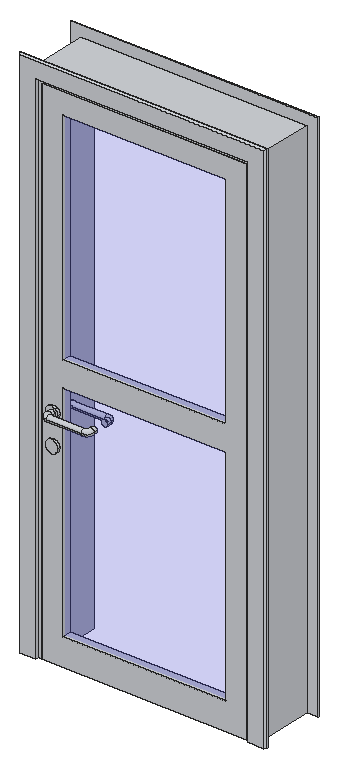
Revit family "Porta de entrada única com revestimento", category Portas, Revit 2019
Family settings
  Hospedeiro = Parede
  Número OmniClass = 23.30.10.00
  Título OmniClass = Doors
  Sempre na vertical = Sim
  Corte com vazios quando carregada = Não
  Compartilhado = Não
  Ponto de cálculo do ambiente = Não
Parameters (values of type "900 x 2100mm")
  W1 = Width - 2 * Largura da estrutura + 20 mm  # 820 mm
  Visual Light Transmittance = 0
  Largura da apara = 70 mm
  Espessura da apara = 10 mm
  Material da apara = none
  Espessura = 35 mm
  Solar Heat Gain Coefficient = 0
  Rough Width = Width  # 900 mm
  Rough Height = Height  # 2100 mm
  Material do painel = none
  Largura da moldura do painel = 75 mm
  ID do tipo de construção = ""
  Coeficiente de transferência de calor (U) = 3.7021 W/(m²·K)
  Material do puxador = none
  Vidro = none
  Função = Exterior
  Largura da estrutura = 50 mm
  Height = 2100 mm
  Fechamento da parede = Por hospedeiro
  Width = 900 mm
  Material da moldura = none
  Construção analítica = Metal
Types (5, lengths in mm): name | W1 | Rough Width | Width
  (no name) | 820 | 900 | 900
  900 x 2100mm | 820 | 900 | 900
  800 x 2100mm | 720 | 800 | 800
  700 x 2100mm | 620 | 700 | 700
  600 x 2100mm | 520 | 600 | 600
Reference planes
  plane 1 "Centro (Frente/Trás)": y = 0
  plane 2 "Centro (Esquerda/Direita)": x = 0
  plane 3 "Esquerda": x = -450
  plane 4 "Direita": x = 450
  plane 5: z = 2100
  plane 6 "Exterior": y = 125
  plane 7 "Interior": y = -125
  plane 8: z = 1050
  plane 9: z = 0
  plane 10: z = 1100
  plane 11: z = 1000
  plane 12: y = -90
  plane 13: z = 110
  plane 14: x = 325
  plane 15: x = -325
  plane 16: x = 400
  plane 17: x = -400
  plane 18: z = 1975
  plane 19: x = 365
  plane 20: x = -365
  plane 21 "Vidro": y = -107.5
  plane 22: z = 2015
  plane 23: x = -365
  plane 24: z = 1060
  plane 25: z = 1040
  plane 26: z = 70
  plane 27: z = 2050
  plane 28: x = -375
  plane 29: x = 375
  plane 30: x = -375
  plane 31: z = 2025
  plane 32: z = 1025
  plane 33: x = -362.5
  plane 34: z = 900
Forms (mm)
  Extrusion 1, solid, material <- "Material do painel", detail levels medium
    sketch origin (0, -125, 0) x (1, 0, 0) y (0, 0, 1)
      loop
        line (400, 2050) -> (-400, 2050) -> (-400, 0) -> (400, 0) -> (400, 2050)
      loop
        line (325, 1975) -> (-325, 1975) -> (-325, 1100) -> (325, 1100) -> (325, 1975)
      loop
        line (325, 110) -> (325, 1000) -> (-325, 1000) -> (-325, 110) -> (325, 110)
    from -35 to 0
  Extrusion 2, solid, material <- "Vidro", detail levels medium+fine
    sketch origin (0, -107.5, 0) x (-1, 0, 0) y (0, 0, 1)
      loop
        line (365, 70) -> (365, 1040) -> (-365, 1040) -> (-365, 70) -> (365, 70)
      loop
        line (365, 1060) -> (365, 2015) -> (-365, 2015) -> (-365, 1060) -> (365, 1060)
    from -7 to 7
  Extrusion 3, solid, material <- "Vidro", detail levels fine
    sketch origin (0, -107.5, 0) x (-1, 0, 0) y (0, 0, 1)
      loop
        line (365, 70) -> (365, 1040) -> (-365, 1040) -> (-365, 70) -> (365, 70)
      loop
        line (365, 1060) -> (365, 2015) -> (-365, 2015) -> (-365, 1060) -> (365, 1060)
    from -7 to 7
  Extrusion 4, solid, material <- "Material do painel", detail levels coarse
    sketch origin (0, -125, 0) x (1, 0, 0) y (0, 0, 1)
      loop
        line (450, 2100) -> (-450, 2100) -> (-450, 0) -> (450, 0) -> (450, 2100)
      loop
        line (375, 2025) -> (-375, 2025) -> (-375, 1100) -> (375, 1100) -> (375, 2025)
      loop
        line (375, 110) -> (375, 1000) -> (-375, 1000) -> (-375, 110) -> (375, 110)
    from -35 to 0
  Extrusion 5, solid, material <- "Vidro", detail levels coarse
    sketch origin (0, -107.5, 0) x (-1, 0, 0) y (0, 0, 1)
      loop
        line (375, 70) -> (375, 1040) -> (-375, 1040) -> (-375, 70) -> (375, 70)
      loop
        line (375, 1060) -> (375, 2025) -> (-375, 2025) -> (-375, 1060) -> (375, 1060)
    from -7 to 7
  Sweep 6, solid, material <- "Material da moldura", detail levels medium
    path origin (0, -125, 0) x (1, 0, 0) y (0, 0, 1)
      loop
        line (-450, 0) -> (-450, 2100) -> (450, 2100) -> (450, 0)
    profile origin (450, -125, 1050) x (0, -1, 0) y (1, 0, 0)
      loop
        line (-250, -50) -> (0, -50) -> (0, 0) -> (-250, 0) -> (-250, -50)
  Sweep 7, solid, material <- "Material da moldura", detail levels fine
    path origin (0, -125, 0) x (1, 0, 0) y (0, 0, 1)
      loop
        line (-450, 0) -> (-450, 2100) -> (450, 2100) -> (450, 0)
    profile origin (450, -125, 1050) x (0, -1, 0) y (1, 0, 0)
      loop
        line (-250, -50) -> (-38, -50) -> (-38, -40) -> (0, -40) -> (0, 0) -> (-250, 0) -> (-250, -50)
  Extrusion 8, solid, material <- "Material do painel", detail levels fine
    sketch origin (0, -125, 0) x (1, 0, 0) y (0, 0, 1)
      loop
        line (410, 2060) -> (-410, 2060) -> (-410, 0) -> (410, 0) -> (410, 2060)
      loop
        line (325, 1975) -> (-325, 1975) -> (-325, 1100) -> (325, 1100) -> (325, 1975)
      loop
        line (325, 110) -> (325, 1000) -> (-325, 1000) -> (-325, 110) -> (325, 110)
    from -35 to 0
  Sweep 9, solid, material <- "Material da apara", detail levels fine
    path origin (0, -125, 0) x (1, 0, 0) y (0, 0, 1)
      loop
        line (450, 0) -> (450, 2100) -> (-450, 2100) -> (-450, 0)
    profile "Perfil da apara : Perfil da apara" origin (0, -125, 2100) x (0, 0, -1) y (0, -1, 0)
      loop
        line (-43, 0) -> (27, 0) -> (27, 10) -> (-37, 10) -> (-43, 4) -> (-43, 0)
  Sweep 10, solid, material <- "Material da apara", detail levels fine
    path origin (0, 125, 0) x (1, 0, 0) y (0, 0, 1)
      loop
        line (-450, 0) -> (-450, 2100) -> (450, 2100) -> (450, 0)
    profile "Perfil da apara : Perfil da apara" origin (0, 125, 2100) x (0, 0, 1) y (0, -1, 0)
      loop
        line (43, 0) -> (-27, 0) -> (-27, -10) -> (37, -10) -> (43, -4) -> (43, 0)
Lines and regions (mm)
  Opening 1
    outline origin (-3050, -125, 0) x (1, 0, 0) y (0, 0, 1)
      loop
        line (2600, 0) -> (3500, 0) -> (3500, 2100) -> (2600, 2100) -> (2600, 0)
  symbolic lines, style "DoorsGlassProjection", detail levels medium
    curve 1: line (0, -107.5, 1975) -> (0, -107.5, 1100)
    curve 6: line (0, -107.5, 1000) -> (0, -107.5, 110)
  symbolic lines, style "DoorsGlassProjection", detail levels fine
    curve 2: line (0, -114.5, 1975) -> (0, -114.5, 1100)
    curve 3: line (0, -100.5, 1975) -> (0, -100.5, 1100)
    curve 4: line (0, -114.5, 1000) -> (0, -114.5, 110)
    curve 5: line (0, -100.5, 1000) -> (0, -100.5, 110)
  symbolic lines, style "Giro da elevação", detail levels coarse
    curve 7: line (-450, -125, 1050) -> (450, -125, 2100)
    curve 8: line (-450, -125, 1050) -> (450, -125, 0)
  symbolic lines, style "Giro da elevação", detail levels medium+fine
    curve 9: line (400, -125, 2050) -> (-400, -125, 1025)
    curve 10: line (400, -125, 0) -> (-400, -125, 1025)
Text (mm)
  text "Externo" at (-2295.016, 1099.543, 0), in view "Nível de referência"
  text "Externo" at (0, 1615.38, 3698.081), in view "Esquerda"
  text "Externo" at (0, 1036.032, 3874.932), in view "Direita"
Dimensions and locks
  equal spacing: plane 3 "Esquerda", plane 2 "Centro (Esquerda/Direita)", plane 4 "Direita"
  "Width": plane 3 "Esquerda" to plane 4 "Direita"
  "Height": host wall to plane 5
  host wall to plane 5 = 2100 mm
  locked: plane 6 "Exterior" to host wall at 0
  locked: plane 7 "Interior" to host wall
  equal spacing: plane 9, plane 8, plane 5
  equal spacing: plane 11, plane 8, plane 10
  locked: plane 11 to plane 10 at 100
  "Espessura": plane 12 to plane 7 "Interior"
  locked: plane 9 to plane 13 at 110
  "Largura da estrutura": plane 16 to plane 4 "Direita"
  "Largura da estrutura": plane 3 "Esquerda" to plane 17
  locked: plane 14 to plane 19 at 40
  equal spacing: plane 12, plane 21 "Vidro", plane 7 "Interior"
  locked: plane 23 to plane 15 at 40
  plane 7 "Interior" to plane 6 "Exterior" = 250 mm
  "Largura da estrutura": plane 5 to plane 27
  locked: plane 18 to plane 22 at 40
  locked: plane 24 to plane 10 at 40
  locked: plane 11 to plane 25 at 40
  equal spacing: curve 3, plane 21 "Vidro", curve 2
  locked: curve 3 to curve 2 at 14
  "Largura da moldura do painel": plane 17 to plane 15
  "Largura da moldura do painel": plane 14 to plane 16
  "Largura da moldura do painel": plane 18 to plane 27
  locked: plane 26 to plane 13 at 40
  "Largura da moldura do painel": plane 29 to plane 4 "Direita"
  "Largura da moldura do painel": plane 3 "Esquerda" to plane 30
  "Largura da moldura do painel": plane 31 to plane 5
  equal spacing: plane 9, plane 32, plane 27
  equal spacing: plane 17, plane 33, plane 15
  locked: plane 16 to Sweep 7 sketch curve at 10
  locked: Sweep 7 sketch curve to plane 12 at 3
  locked: plane 9 to plane 34 at 900
  aligned and locked: plane 3 "Esquerda" to Opening 1 sketch curve
  aligned and locked: plane 5 to Opening 1 sketch curve  (x2)
  aligned and locked: Opening 1 sketch curve to plane 4 "Direita"
  aligned and locked: Opening 1 sketch curve to level
  aligned and locked: plane 1 "Centro (Frente/Trás)" to host wall
  aligned and locked: level to plane 9
  aligned and locked: plane 7 "Interior" to Extrusion 1
  aligned and locked: plane 12 to Extrusion 1
  aligned and locked: Extrusion 1 sketch curve to plane 18
  aligned and locked: Extrusion 1 sketch curve to plane 14  (x2)
  aligned and locked: Extrusion 1 sketch curve to plane 15  (x2)
  aligned and locked: Extrusion 1 sketch curve to plane 10
  aligned and locked: Extrusion 1 sketch curve to plane 11
  aligned and locked: plane 13 to Extrusion 1 sketch curve
  aligned and locked: plane 26 to Extrusion 2 sketch curve
  aligned and locked: plane 23 to Extrusion 2 sketch curve  (x2)
  aligned and locked: plane 25 to Extrusion 2 sketch curve
  aligned and locked: plane 19 to Extrusion 2 sketch curve  (x2)
  aligned and locked: plane 24 to Extrusion 2 sketch curve
  aligned and locked: Extrusion 2 sketch curve to plane 22
  aligned and locked: plane 9 to Extrusion 1 sketch curve
  aligned and locked: nested 1 to plane 21 "Vidro"
  aligned: plane 8 to nested 1
  aligned: nested 1 to plane 19
  aligned and locked: plane 21 "Vidro" to curve 1
  aligned and locked: Extrusion 3 sketch curve to plane 23  (x2)
  aligned and locked: Extrusion 1 sketch curve to plane 16
  aligned and locked: Extrusion 1 sketch curve to plane 17
  aligned and locked: Extrusion 1 sketch curve to plane 27
  aligned and locked: plane 4 "Direita" to Extrusion 4 sketch curve
  aligned and locked: plane 29 to Extrusion 4 sketch curve  (x2)
  aligned and locked: plane 5 to Extrusion 4 sketch curve
  aligned and locked: plane 31 to Extrusion 4 sketch curve
  aligned and locked: Extrusion 4 sketch curve to plane 3 "Esquerda"
  aligned and locked: plane 30 to Extrusion 4 sketch curve  (x2)
  aligned and locked: plane 29 to Extrusion 5 sketch curve  (x2)
  aligned and locked: plane 31 to Extrusion 5 sketch curve
  aligned and locked: plane 30 to Extrusion 5 sketch curve  (x2)
  aligned and locked: nested 2 to plane 7 "Interior"
  aligned and locked: nested 2 to plane 4 "Direita"
  aligned and locked: plane 33 to nested 1
  aligned and locked: plane 4 "Direita" to Sweep 6 sketch curve  (x2)
  aligned and locked: plane 5 to Sweep 6 sketch curve
  aligned and locked: plane 3 "Esquerda" to Sweep 6 sketch curve
  aligned and locked: plane 6 "Exterior" to Sweep 6 sketch curve
  aligned and locked: Sweep 6 sketch curve to plane 7 "Interior"
  aligned and locked: plane 16 to Sweep 6 sketch curve
  aligned and locked: plane 4 "Direita" to Sweep 7 sketch curve  (x2)
  aligned and locked: plane 5 to Sweep 7 sketch curve
  aligned and locked: plane 3 "Esquerda" to Sweep 7 sketch curve
  aligned and locked: plane 6 "Exterior" to Sweep 7 sketch curve
  aligned and locked: plane 16 to Sweep 7 sketch curve
  aligned and locked: Sweep 7 sketch curve to plane 7 "Interior"
  aligned and locked: Extrusion 8 sketch curve to Sweep 7  (x3)
  aligned and locked: Sweep 9 sketch curve to host wall  (x3)
  aligned and locked: Sweep 10 sketch curve to host wall  (x3)
  aligned and locked: plane 12 to Extrusion 8
  aligned and locked: plane 12 to Extrusion 4
  aligned and locked: plane 18 to curve 1
  aligned and locked: plane 34 to nested 1
Automatic sketch dimensions
  plane 3 "Esquerda" to curve 8 = 0 mm
  plane 17 to curve 9 = 0 mm
  curve 9 to plane 16 = 0 mm
  curve 10 to level = 0 mm
  curve 10 to plane 16 = 0 mm
  curve 8 to level = 0 mm
  plane 4 "Direita" to curve 8 = 0 mm
  plane 4 "Direita" to curve 7 = 0 mm
  curve 10 to plane 32 = 0 mm
  curve 8 to plane 8 = 0 mm
  curve 9 to plane 27 = 0 mm
  curve 7 to plane 5 = 0 mm
  plane 19 to Extrusion 3 sketch curve = 0 mm  (x2)
  Extrusion 3 sketch curve to plane 26 = 0 mm
  Extrusion 3 sketch curve to plane 25 = 0 mm
  Extrusion 3 sketch curve to plane 24 = 0 mm
  Extrusion 3 sketch curve to plane 22 = 0 mm
  Extrusion 4 sketch curve to level = 0 mm
  Extrusion 4 sketch curve to plane 13 = 0 mm
  Extrusion 4 sketch curve to plane 11 = 0 mm
  Extrusion 4 sketch curve to plane 10 = 0 mm
  Extrusion 5 sketch curve to plane 26 = 0 mm
  Extrusion 5 sketch curve to plane 25 = 0 mm
  Extrusion 5 sketch curve to plane 24 = 0 mm
  Sweep 6 sketch curve to level = 0 mm  (x2)
  Sweep 7 sketch curve to level = 0 mm  (x2)
  Extrusion 8 sketch curve to plane 10 = 0 mm
  plane 15 to Extrusion 8 sketch curve = 0 mm  (x2)
  Extrusion 8 sketch curve to plane 11 = 0 mm
  Extrusion 8 sketch curve to plane 14 = 0 mm  (x2)
  Extrusion 8 sketch curve to level = 0 mm
  Extrusion 8 sketch curve to plane 13 = 0 mm
  Extrusion 8 sketch curve to plane 18 = 0 mm
  Sweep 9 sketch curve to level = 0 mm  (x2)
  Sweep 10 sketch curve to level = 0 mm  (x2)
  curve 4 to plane 13 = 0 mm
  curve 4 to plane 11 = 0 mm
  curve 6 to plane 11 = 0 mm
  curve 6 to plane 21 "Vidro" = 0 mm
  curve 5 to plane 13 = 0 mm
  curve 5 to plane 11 = 0 mm
  curve 6 to plane 13 = 0 mm
  curve 1 to plane 10 = 0 mm
  curve 2 to plane 10 = 0 mm
  curve 3 to plane 10 = 0 mm
  curve 2 to plane 18 = 0 mm
  curve 3 to plane 18 = 0 mm
  curve 4 to curve 6 = 7 mm
  plane 21 "Vidro" to curve 5 = 7 mm
Nested families
  nested 1: "Maçaneta da porta 1" at (-362.5, -113.114, 730), type "Puxador horizontal", detail levels fine
  nested 2: "Porta única_Giro da planta 2" at (-450, -125, 0) x (-1, 0, 0) z (0, 0, 1), type "Porta única_Giro da planta 2"
Definition of nested family "Maçaneta da porta 1"
  Parameters
    Espessura do painel = 35 mm
    Distância do furo da trava = 120 mm
    Com furo para trava = yes
    Material do puxador = none
    Function = (empty or 0)
  Reference planes
    plane 1 "Centro (Frente/Trás)": y = 5.614
    plane 2: z = 0
    plane 3 "Centro (Esquerda/Direita)": x = 0
    plane 4 "Topo do puxador": z = 170
    plane 5: z = 50
    plane 6: y = -11.886
    plane 7: y = 23.114
  Forms (mm)
    Extrusion 1, solid, material <- "Material do puxador"
      sketch origin (0, 5.614, 0) x (1, 0, 0) y (0, 0, 1)
        loop
          circle (0, 170) r 25
      from 17.5 to 25.5
    Extrusion 2, solid, material <- "Material do puxador", visible <- "Com furo para trava"
      sketch origin (0, 0, -120) x (1, 0, 0) y (0, 0, 1)
        loop
          circle (0, 170) r 25
      from 11.886 to 19.886
    Sweep 3, solid, material <- "Material do puxador"
      path origin (0, 0, 1000) x (0, -1, 0) y (1, 0, 0)
        loop
          line (19.886, 0) -> (36.886, 0)
          arc (36.886, 0) -> (47.493, 4.393) -> (51.886, 15) r 15
          line (51.886, 15) -> (51.886, 155)
          arc (51.886, 155) -> (47.493, 165.607) -> (36.886, 170) r 15
          line (36.886, 170) -> (21.886, 170)
      profile origin (0, -28.386, 0) x (1, 0, 0) y (0, 0, 1)
        loop
          circle (0, 170) r 12
    Extrusion 4, solid, material <- "Material do puxador"
      sketch origin (0, 5.614, 0) x (1, 0, 0) y (0, 0, -1)
        loop
          circle (0, -170) r 25
      from 17.5 to 25.5
    Extrusion 5, solid, material <- "Material do puxador", visible <- "Com furo para trava"
      sketch origin (0, 11.228, -120) x (1, 0, 0) y (0, 0, -1)
        loop
          circle (0, -170) r 25
      from 11.886 to 19.886
    Sweep 6, solid, material <- "Material do puxador"
      path origin (0, 11.228, 1000) x (0, -1, 0) y (1, 0, 0)
        loop
          line (-19.886, 0) -> (-36.886, 0)
          arc (-36.886, 0) -> (-47.493, 4.393) -> (-51.886, 15) r 15
          line (-51.886, 15) -> (-51.886, 155)
          arc (-51.886, 155) -> (-47.493, 165.607) -> (-36.886, 170) r 15
          line (-36.886, 170) -> (-21.886, 170)
      profile origin (0, 39.614, 0) x (-1, 0, 0) y (0, 0, 1)
        loop
          circle (0, 170) r 12
  Dimensions and locks
    "Distância do furo da trava": plane 4 "Topo do puxador" to plane 5
    locked: Sweep 3 sketch curve to Sweep 3 sketch curve at 170
    locked: plane 4 "Topo do puxador" to plane 2 at 170
    equal spacing: plane 7, plane 1 "Centro (Frente/Trás)", plane 6
    "Espessura do painel": plane 7 to plane 6
    locked: Extrusion 2 to Extrusion 2 at 8
    locked: Extrusion 1 to Extrusion 1 at 8
    locked: plane 6 to Sweep 3 sketch curve at 25
    locked: plane 6 to Sweep 3 sketch curve at 40
    locked: Sweep 6 sketch curve to Sweep 6 sketch curve at 170
    locked: Extrusion 5 to Extrusion 5 at 8
    locked: Extrusion 4 to Extrusion 4 at 8
    locked: plane 7 to Sweep 6 sketch curve at 40
    locked: Sweep 6 sketch curve to plane 7 at 25
    locked: Sweep 6 sketch curve to Sweep 6 sketch curve at 15
    locked: Sweep 6 sketch curve to plane 7 at 10
    plane 6 to Sweep 3 sketch curve to Sweep 3 sketch curve = 10 mm locked, 15 mm locked
    radius of Sweep 3 sketch curve = 15 mm  (x2)
    radius of Extrusion 2 sketch curve = 25 mm
    radius of Sweep 3 sketch curve = 12 mm
    radius of Sweep 6 sketch curve = 15 mm  (x2)
    radius of Extrusion 5 sketch curve = 25 mm
    radius of Sweep 6 sketch curve = 12 mm
    radius of Extrusion 4 sketch curve = 25 mm
    aligned and locked: plane 4 "Topo do puxador" to Sweep 3 sketch curve
    aligned and locked: plane 3 "Centro (Esquerda/Direita)" to Sweep 3 sketch curve
    aligned and locked: plane 3 "Centro (Esquerda/Direita)" to Extrusion 2 sketch curve
    aligned and locked: plane 6 to Extrusion 2
    aligned and locked: plane 3 "Centro (Esquerda/Direita)" to Extrusion 1 sketch curve
    aligned and locked: plane 4 "Topo do puxador" to Extrusion 1 sketch curve
    aligned and locked: plane 6 to Extrusion 1
    aligned and locked: Extrusion 1 to plane 6
    aligned and locked: Extrusion 4 to plane 7
    aligned and locked: Extrusion 5 to plane 7
    aligned and locked: plane 5 to Extrusion 5 sketch curve
    aligned and locked: plane 3 "Centro (Esquerda/Direita)" to Extrusion 5 sketch curve
    aligned and locked: plane 4 "Topo do puxador" to Extrusion 4 sketch curve
    aligned and locked: plane 3 "Centro (Esquerda/Direita)" to Extrusion 4 sketch curve
    aligned and locked: Extrusion 4 to Sweep 6 sketch curve
    aligned and locked: Extrusion 1 to Sweep 3 sketch curve
  Automatic sketch dimensions
    Extrusion 2 sketch curve to plane 5 = 0 mm
    Sweep 3 sketch curve to plane 3 "Centro (Esquerda/Direita)" = 0 mm
    Sweep 6 sketch curve to plane 3 "Centro (Esquerda/Direita)" = 0 mm
    Sweep 6 sketch curve to profile plane = 0 mm
    radius of Extrusion 1 sketch curve = 25 mm
Definition of nested family "Porta única_Giro da planta 2"
  Parameters
    Width = 900 mm
    Thickness = 35 mm
    Rough Width = Width  # 900 mm
    Rough Height = Height  # 2100 mm
    Largura da moldura do painel = 75 mm
    Height = 2100 mm
    Largura da estrutura = 50 mm
  Reference planes
    plane 1 "Centro (Frente/Trás)": y = 0
    plane 2: z = 0
    plane 3 "Centro (Esquerda/Direita)": x = 0
    plane 4: x = -900
    plane 5: x = -865
    plane 6: y = 900
    plane 7: y = 850
    plane 8: y = 75
    plane 9: x = -882.5
    plane 10: y = 35
    plane 11: y = 890
    plane 12: x = -850
    plane 13: x = -815
    plane 14: y = 800
    plane 15: y = 725
    plane 16: y = 785
    plane 17: x = -832.5
    plane 18: z = 2100
    plane 19: x = -50
    plane 20: y = 825
    plane 21: x = -860
    plane 22: y = 745
    plane 23: x = -842.5
  Lines and regions (mm)
    Masking region 1, detail levels medium
      outline origin (80, -75, 0) x (1, 0, 0) y (0, 1, 0)
        loop
          line (-930, 875) -> (-930, 75) -> (-895, 75) -> (-895, 875) -> (-930, 875)
    Masking region 2, detail levels coarse
      outline origin (0, 0, 0) x (1, 0, 0) y (0, 1, 0)
        loop
          line (-900, 900) -> (-900, 0) -> (-865, 0) -> (-865, 900) -> (-900, 900)
    Masking region 3, detail levels fine
      outline origin (0, 0, 0) x (1, 0, 0) y (0, 1, 0)
        loop
          line (-860, 820) -> (-860, 0) -> (-825, 0) -> (-825, 820) -> (-860, 820)
    symbolic lines, detail levels coarse
      curve 1: line (-900, 0, 0) -> (-900, 75, 0)
      curve 2: line (-865, 900, 0) -> (-865, 825, 0)
      curve 3: line (-865, 0, 0) -> (-900, 0, 0)
      curve 7: line (-865, 900, 0) -> (-900, 900, 0)
      curve 15: arc (-900, 900, 0) -> (-263.604, 636.396, 0) -> (0, 0, 0) r 900
      curve 17: line (-900, 825, 0) -> (-900, 900, 0)
      curve 18: line (-900, 75, 0) -> (-900, 825, 0)
      curve 19: line (-865, 75, 0) -> (-865, 0, 0)
      curve 20: line (-865, 825, 0) -> (-865, 75, 0)
      curve 35: line (-865, 825, 0) -> (-900, 825, 0)
      curve 36: line (-865, 75, 0) -> (-900, 75, 0)
    symbolic lines, detail levels medium
      curve 4: line (-850, 800, 0) -> (-815, 800, 0)
      curve 5: line (-815, 800, 0) -> (-815, 725, 0)
      curve 6: line (-815, 0, 0) -> (-850, 0, 0)
      curve 12: line (-850, 75, 0) -> (-815, 75, 0)
      curve 13: line (-815, 725, 0) -> (-850, 725, 0)
      curve 14: line (-832.5, 725, 0) -> (-832.5, 75, 0)
      curve 21: line (-850, 0, 0) -> (-850, 800, 0)
      curve 22: line (-815, 725, 0) -> (-815, 75, 0)
      curve 24: arc (-50, 0, 0) -> (-284.315, 565.685, 0) -> (-850, 800, 0) r 800
      curve 33: line (-815, 75, 0) -> (-815, 0, 0)
    symbolic lines, detail levels fine
      curve 8: line (-835.5, 785, 0) -> (-835.5, 35, 0)
      curve 9: line (-849.5, 35, 0) -> (-849.5, 785, 0)
      curve 10: line (-835.5, 35, 0) -> (-849.5, 35, 0)
      curve 11: line (-849.5, 785, 0) -> (-835.5, 785, 0)
      curve 23: line (-849.5, 75, 0) -> (-850, 75, 0)
      curve 25: line (-860, 0, 0) -> (-860, 820, 0)
      curve 26: line (-825, 820, 0) -> (-825, 0, 0)
      curve 27: line (-860, 820, 0) -> (-825, 820, 0)
      curve 28: line (-849.5, 745, 0) -> (-860, 745, 0)
      curve 29: line (-835.5, 745, 0) -> (-825, 745, 0)
      curve 30: line (-825, 0, 0) -> (-860, 0, 0)
      curve 31: line (-835.5, 75, 0) -> (-825, 75, 0)
      curve 32: line (-860, 75, 0) -> (-849.5, 75, 0)
      curve 34: arc (-860, 820, 0) -> (-280.172, 579.828, 0) -> (-40, 0, 0) r 820
    model lines
      curve 16: line (-900, 0, 0) -> (-900, 0, 2100)
  Dimensions and locks
    "Thickness": plane 4 to plane 5
    "Largura da estrutura": plane 6 to plane 7
    locked: plane 8 to plane 10 at 40
    locked: plane 11 to plane 7 at 40
    "Largura da estrutura": plane 4 to plane 12
    "Thickness": plane 12 to plane 13
    "Largura da moldura do painel": plane 14 to plane 15
    "Width": plane 1 "Centro (Frente/Trás)" to plane 6
    equal spacing: plane 12, plane 17, plane 13
    equal spacing: plane 4, plane 9, plane 5
    "Width": plane 4 to plane 3 "Centro (Esquerda/Direita)"
    "Largura da moldura do painel": plane 8 to plane 1 "Centro (Frente/Trás)"
    "Height": plane 18 to plane 2
    "Largura da estrutura": plane 19 to plane 3 "Centro (Esquerda/Direita)"
    "Largura da moldura do painel": plane 6 to plane 20
    equal spacing: plane 6, plane 7, plane 14
    locked: curve 26 to plane 13 at 10
    locked: plane 21 to plane 12 at 10
    locked: plane 14 to curve 27 at 20
    locked: plane 22 to plane 15 at 20
    locked: plane 16 to plane 22 at 40
    locked: plane 23 to plane 17 at 10
    equal spacing: curve 9, plane 23, curve 8
    locked: curve 9 to curve 8 at 14
    aligned and locked: level to plane 2
    aligned and locked: curve 2 to plane 5
    aligned and locked: curve 1 to plane 4
    aligned and locked: Masking region 1 sketch curve to plane 14
    aligned and locked: curve 5 to plane 13
    aligned and locked: curve 6 to plane 1 "Centro (Frente/Trás)"
    aligned and locked: Masking region 2 sketch curve to plane 1 "Centro (Frente/Trás)"
    aligned and locked: Masking region 2 sketch curve to plane 4
    aligned and locked: Masking region 2 sketch curve to plane 5
    aligned and locked: Masking region 2 sketch curve to plane 6
    aligned and locked: plane 6 to curve 17
    aligned and locked: Masking region 1 sketch curve to plane 13
    aligned and locked: plane 12 to Masking region 1 sketch curve
    aligned and locked: Masking region 1 sketch curve to plane 1 "Centro (Frente/Trás)"
    aligned and locked: plane 6 to curve 2
    aligned and locked: plane 14 to Masking region 1
    aligned and locked: plane 6 to Masking region 2
    aligned and locked: Masking region 2 to plane 4
    aligned and locked: plane 5 to Masking region 2
    aligned and locked: Masking region 1 to plane 12
    aligned and locked: plane 13 to Masking region 1
    aligned and locked: curve 3 to plane 1 "Centro (Frente/Trás)"
    aligned and locked: plane 1 "Centro (Frente/Trás)" to Masking region 1
    aligned and locked: curve 12 to plane 8
    aligned and locked: plane 15 to curve 13
    aligned and locked: plane 18 to curve 16
    aligned and locked: curve 4 to plane 14
    aligned and locked: curve 33 to plane 13
    aligned and locked: Masking region 3 sketch curve to curve 25
    aligned and locked: curve 26 to Masking region 3 sketch curve
    aligned and locked: Masking region 3 sketch curve to curve 30
    aligned and locked: plane 10 to curve 10
    aligned and locked: Masking region 3 to plane 21
    aligned and locked: Masking region 3 to curve 27
    aligned and locked: plane 22 to curve 28
    aligned and locked: curve 29 to plane 22
    aligned and locked: plane 21 to curve 34  (x2)
    aligned and locked: plane 1 "Centro (Frente/Trás)" to curve 34  (x2)
    aligned and locked: plane 17 to curve 14
    aligned and locked: plane 20 to curve 35
    aligned and locked: curve 35 to plane 4
    aligned and locked: plane 5 to curve 35
    aligned and locked: plane 8 to curve 36
    aligned and locked: plane 4 to curve 36
    aligned and locked: plane 5 to curve 36
  Automatic sketch dimensions
    plane 4 to curve 16 = 0 mm
    curve 16 to level = 0 mm
    plane 14 to Masking region 3 sketch curve = 20 mm
    curve 6 to plane 12 = 0 mm
    curve 12 to plane 12 = 0 mm
    plane 1 "Centro (Frente/Trás)" to curve 24 = 0 mm
    plane 1 "Centro (Frente/Trás)" to curve 15 = 0 mm
    plane 1 "Centro (Frente/Trás)" to curve 30 = 0 mm
    curve 32 to plane 8 = 0 mm
    curve 31 to plane 8 = 0 mm
    curve 8 to plane 16 = 0 mm
